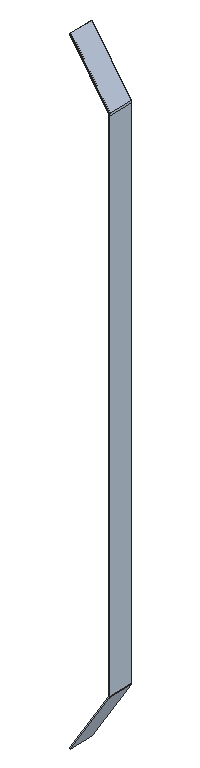
Revit family "EV_FOUNDATION PLATE 25_1850453", category Generic Models, Revit 2018
Family settings
  Can host rebar = No
  Round Connector Dimension = Use Diameter
  Part Type = Normal
  OmniClass Number = 35.51.14.00
  OmniClass Title = FORMWORK
  Work Plane-Based = Yes
  Always vertical = No
  Cut with Voids When Loaded = No
  Shared = Yes
  Room Calculation Point = No
Parameters
  VERSION = "20170217"  # constant formula
  URL = "www.ulmaconstruction.com/en"
  UNICLASS = ""
  REAL LENGTH [instance] = if(LENGTH < 100.000 mm, 100.000 mm, if(LENGTH > 25000.000 mm, 25000.000 mm, LENGTH))  # 1000.000 mm
  Manufacturer = "ULMA CONSTRUCTION"  # constant formula
  LENGTH [instance] = 1000.000 mm
  ITEM_LENGTH [instance] = REAL LENGTH + 280.000 mm  # 1280.000 mm
  ITEM_GENERIC = "1"
  ITEM_CODE = "1850453"
  FILTER [instance] = ""
  Default Elevation = 0.000 mm
  CLASSIFICATION_TITLE = ""
  CLASSIFICATION_NUMBER = ""
Reference planes
  plane 1 "Centro (Frontal/Posterior)": y = 0
  plane 2: z = 0
  plane 3 "Centro (Izquierda/Derecha)": x = 0
  plane 4 "ITEM_LENGTH": z = -1053
  plane 5 "ZULUAK": through (27.772, -1524, 72.925) normal (0.8334, 0, 0.5527)
  plane 6 "LENGTH": z = -1053
  plane 7 "REF 01": z = -53
Forms (mm)
  Extrusion 1, solid, material "ULMA STEEL"
    sketch origin (-27.402, 0, -20.41) x (1, 0, 0) y (0, 0, 1)
      loop
        line (62.912, 81.667) -> (137.4, -30.64) -> (137.4, -32.59) -> (139.4, -32.59) -> (139.4, -30.037) -> (64.579, 82.773) -> (62.912, 81.667)
    from -25 to 25
  Extrusion 2, solid, material "ULMA STEEL", not visible
    sketch origin (-30, 0, -1088.143) x (1, 0, 0) y (0, 0, -1)
      loop
        line (62.912, -1146.847) -> (64.579, -1147.953) -> (139.4, -1035.143) -> (139.4, -1032.59) -> (137.4, -1032.59) -> (137.4, -1034.54) -> (62.912, -1146.847)
    from -25 to 25
  Extrusion 3, solid, material "ULMA STEEL"
    sketch origin (-27.402, 0, -6.492) x (1, 0, 0) y (0, 0, 1)
      loop
        line (137.4, -46.508) -> (137.4, -1046.508) -> (139.4, -1046.508) -> (139.4, -46.508) -> (137.4, -46.508)
    from -25 to 25
  Extrusion 4, solid, material "ULMA STEEL"
    sketch origin (-27.402, 0, -20.41) x (1, 0, 0) y (0, 0, 1)
      loop
        line (62.912, -1146.847) -> (64.579, -1147.953) -> (139.4, -1035.143) -> (139.4, -1032.59) -> (137.4, -1032.59) -> (137.4, -1034.54) -> (62.912, -1146.847)
    from -25 to 25
Dimensions and locks
  Extrusion 1 to plane 1 "Centro (Frontal/Posterior)" to Extrusion 1 = 25.000 mm locked, 25.000 mm locked
  locked: Extrusion 4 to Extrusion 4 at 50
  "REAL LENGTH": plane 7 "REF 01" to plane 4 "ITEM_LENGTH"
  "LENGTH": plane 7 "REF 01" to plane 6 "LENGTH"
  locked: Extrusion 3 to Extrusion 3 at 2
  locked: plane 2 to plane 7 "REF 01" at 53
  aligned and locked: level to plane 2
  aligned and locked: Extrusion 3 to plane 4 "ITEM_LENGTH"
  aligned and locked: Extrusion 1 to Extrusion 3
  aligned and locked: Extrusion 3 to Extrusion 1  (x3)
  aligned and locked: Extrusion 4 to Extrusion 3
Automatic sketch dimensions
  plane 4 "ITEM_LENGTH" to Extrusion 3 sketch curve = 0.000 mm
  plane 3 "Centro (Izquierda/Derecha)" to Extrusion 3 sketch curve = 109.998 mm
  Extrusion 3 sketch curve to Extrusion 3 sketch curve = 2.000 mm
  Extrusion 3 sketch curve to level = 53.000 mm
